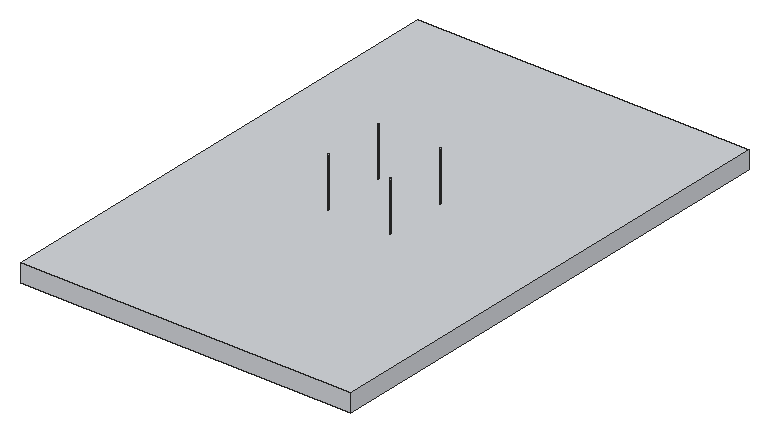
Revit family "ROBUSTxWSxx", category Leuchten, Revit 2020
Family settings
  Basisbauteil = Fläche
  Bemaßung runder Anschluss = Durchmesser verwenden
  Teiletyp = Normal
  OmniClass-Nummer = 23.80.70.11
  OmniClass-Titel = Luminaries for Internal Lighting
  Beim Laden mit Abzugskörper schneiden = Nein
  Lichtquelle = Ja
  Gemeinsam genutzt = Nein
  Raumberechnungspunkt = Nein
Parameters (values of type "ROBUST NDWS840T3000")
  width = 415 mm  # constant formula
  weight = "7,2"  # constant formula
  voltage type (AC, DC, UC) = "AC"
  suspension hight [instance] = 300 mm
  rated input power = 195
  product name = "ROBUST NDWS840T3000"
  nominal voltage = "230"
  nominal frequency = "50-60Hz"
  length = 415 mm  # constant formula
  ingress protection (IP) code = "IP66"
  height = 131 mm  # constant formula
  electrical safety class = "1"
  control gear = ""
  conformity mark = "CE"  # constant formula
  brand = "RIDI"
  approval mark = ""
  built-in parameter 1150104 = 13.8 (stored number, unit not read)
  Wattage = 194.154 W
  Von Breite des Rechtecks ausssenden = 288 mm  # constant formula
  Von Länge des Rechtecks aussenden = 383 mm  # constant formula
  Default Elevation = 0 mm
  built-in parameter 1150113 = 1 (stored number, unit not read)
  built-in parameter 1114218 = 1 (stored number, unit not read)
  URL = "www.ridi.de"
  built-in parameter 1150134 = 12
  built-in parameter 1150109 = 1 (stored number, unit not read)
  built-in parameter 1150110 = 1 (stored number, unit not read)
  Apparent Load = 195 VA
  Tilt Angle = 90.00°
  Modell = "0627899"
  built-in parameter 1114217 = 1 (stored number, unit not read)
  built-in parameter 1150139 = (empty or 0)
  built-in parameter 1150105 = 2295 (stored number, unit not read)
  built-in parameter 1150114 = 1 (stored number, unit not read)
  Lumens = 28840 lm
  built-in parameter 1150115 = 1 (stored number, unit not read)
  built-in parameter 1150112 = 1 (stored number, unit not read)
  Lampe = "LED"
  Hersteller = "RIDI Leuchten GmbH"  # constant formula
  Dimming Lamp Color Temperature Shift = (empty or 0)
  Color Filter = 16777215
  built-in parameter 1150133 = 10 (stored number, unit not read)
  Emit Shape Visible in Rendering = no
  built-in parameter 1150137 = (empty or 0)
  built-in parameter 1150132 = 2
  Datei für fotometrisches Netz = "ROBUST-G2_T.IES"
  Copyright = "© RIDI. All rights reserved."  # constant formula
  built-in parameter 1150106 = 22.95 (stored number, unit not read)
  Baugruppenkennzeichen = "D5020200"
  built-in parameter 1150107 = 4000 (stored number, unit not read)
  built-in parameter 1150102 = (empty or 0)
  built-in parameter 1150138 = (empty or 0)
Types (17, lengths in mm): name | rated input power | product name | Wattage | built-in parameter 1150134 | Apparent Load | Modell | built-in parameter 1150105 | Lumens | Datei für fotometrisches Netz | built-in parameter 1150106 | built-in parameter 1150107
  (no name) | 195 | "ROBUST NDWS840T3000" | 194.154 W | 12 | 195 VA | "0627899" | 2295 (stored number, unit not read) | 28840 lm | "ROBUST-G2_T.IES" | 22.95 (stored number, unit not read) | 4000 (stored number, unit not read)
  ROBUST NDWS840B2000 | 125 | "ROBUST NDWS840B2000" | 131.411 W | 12 | 125 VA | "0627896" | 1553.4 (stored number, unit not read) | 19520 lm | "ROBUST-G2_B.IES" | 15.534 (stored number, unit not read) | 4000 (stored number, unit not read)
  ROBUST NDWS840T2000 | 125 | "ROBUST NDWS840T2000" | 128.179 W | 12 | 125 VA | "0627897" | 1515.2 (stored number, unit not read) | 19040 lm | "ROBUST-G2_T.IES" | 15.152 (stored number, unit not read) | 4000 (stored number, unit not read)
  ROBUST NDWS840B3000 | 195 | "ROBUST NDWS840B3000" | 203.377 W | 12 | 195 VA | "0627898" | 2404 (stored number, unit not read) | 30210 lm | "ROBUST-G2_B.IES" | 24.04 (stored number, unit not read) | 4000 (stored number, unit not read)
  ROBUST NDWS840T3000 | 195 | "ROBUST NDWS840T3000" | 194.154 W | 12 | 195 VA | "0627899" | 2295 (stored number, unit not read) | 28840 lm | "ROBUST-G2_T.IES" | 22.95 (stored number, unit not read) | 4000 (stored number, unit not read)
  ROBUST NDWS865B2000 | 125 | "ROBUST NDWS865B2000" | 131.411 W | 1 | 125 VA | "0627900" | 1553.4 (stored number, unit not read) | 19520 lm | "ROBUST-G2_B.IES" | 15.534 (stored number, unit not read) | 6500 (stored number, unit not read)
  ROBUST NDWS865T2000 | 125 | "ROBUST NDWS865T2000" | 128.179 W | 1 | 125 VA | "0627901" | 1515.2 (stored number, unit not read) | 19040 lm | "ROBUST-G2_T.IES" | 15.152 (stored number, unit not read) | 6500 (stored number, unit not read)
  ROBUST NDWS865B3000 | 195 | "ROBUST NDWS865B3000" | 203.377 W | 1 | 195 VA | "0627902" | 2404 (stored number, unit not read) | 30210 lm | "ROBUST-G2_B.IES" | 24.04 (stored number, unit not read) | 6500 (stored number, unit not read)
  ROBUST NDWS865T3000 | 195 | "ROBUST NDWS865T3000" | 194.154 W | 1 | 195 VA | "0627903" | 2295 (stored number, unit not read) | 28840 lm | "ROBUST-G2_T.IES" | 22.95 (stored number, unit not read) | 6500 (stored number, unit not read)
  ROBUST DAWS840B2000 | 125 | "ROBUST DAWS840B2000" | 131.411 W | 12 | 125 VA | "0637896" | 1553.4 (stored number, unit not read) | 19520 lm | "ROBUST-G2_B.IES" | 15.534 (stored number, unit not read) | 4000 (stored number, unit not read)
  ROBUST DAWS840T2000 | 125 | "ROBUST DAWS840T2000" | 128.179 W | 12 | 125 VA | "0637897" | 1515.2 (stored number, unit not read) | 19040 lm | "ROBUST-G2_T.IES" | 15.152 (stored number, unit not read) | 4000 (stored number, unit not read)
  ROBUST DAWS840B3000 | 195 | "ROBUST DAWS840B3000" | 203.377 W | 12 | 195 VA | "0637898" | 2404 (stored number, unit not read) | 30210 lm | "ROBUST-G2_B.IES" | 24.04 (stored number, unit not read) | 4000 (stored number, unit not read)
  ROBUST DAWS840T3000 | 195 | "ROBUST DAWS840T3000" | 194.154 W | 12 | 195 VA | "0637899" | 2295 (stored number, unit not read) | 28840 lm | "ROBUST-G2_T.IES" | 22.95 (stored number, unit not read) | 4000 (stored number, unit not read)
  ROBUST DAWS865B2000 | 125 | "ROBUST DAWS865B2000" | 131.411 W | 1 | 125 VA | "0637900" | 1553.4 (stored number, unit not read) | 19520 lm | "ROBUST-G2_B.IES" | 15.534 (stored number, unit not read) | 6500 (stored number, unit not read)
  ROBUST DAWS865T2000 | 125 | "ROBUST DAWS865T2000" | 128.179 W | 1 | 125 VA | "0637901" | 1515.2 (stored number, unit not read) | 19040 lm | "ROBUST-G2_T.IES" | 15.152 (stored number, unit not read) | 6500 (stored number, unit not read)
  ROBUST DAWS865B3000 | 195 | "ROBUST DAWS865B3000" | 203.377 W | 1 | 195 VA | "0637902" | 2404 (stored number, unit not read) | 30210 lm | "ROBUST-G2_B.IES" | 24.04 (stored number, unit not read) | 6500 (stored number, unit not read)
  ROBUST DAWS865T3000 | 195 | "ROBUST DAWS865T3000" | 194.154 W | 1 | 195 VA | "0637903" | 2295 (stored number, unit not read) | 28840 lm | "ROBUST-G2_T.IES" | 22.95 (stored number, unit not read) | 6500 (stored number, unit not read)
Reference planes
  plane 1 "Mitte (Vorne/hinten)": y = 0
  plane 2: z = 0
  plane 3 "Mitte (Links/rechts)": x = 0
  plane 4: z = 300
Forms (mm)
  Extrusion 1, solid
    sketch origin (219.2, 280.8, 0) x (1, 0, 0) y (0, 1, 0)
      loop
        line (-1219.2, 1219.2) -> (-1219.2, -1780.8) -> (780.8, -1780.8) -> (780.8, 1219.2) -> (-1219.2, 1219.2)
    from 0 to -107.307
  Extrusion 2, solid
    sketch origin (0, 0, 0) x (1, 0, 0) y (0, 1, 0)
      loop
        circle (-187.5, 187.5) r 2
      loop
        circle (187.5, 187.5) r 2
      loop
        circle (-187.5, -187.5) r 2
      loop
        circle (187.5, -187.5) r 2
    from -0.2 to 300
Dimensions and locks
  "suspension hight": plane 4 to Extrusion 1
  locked: Extrusion 2 sketch curve to plane 3 "Mitte (Links/rechts)" at 187.5  (x2)
  locked: plane 1 "Mitte (Vorne/hinten)" to Extrusion 2 sketch curve at 187.5  (x2)
  locked: plane 3 "Mitte (Links/rechts)" to Extrusion 2 sketch curve at 187.5  (x2)
  locked: Extrusion 2 sketch curve to plane 1 "Mitte (Vorne/hinten)" at 187.5  (x2)
  aligned and locked: plane 2 to Extrusion 1
  aligned and locked: imposter light to plane 3 "Mitte (Links/rechts)"
  aligned and locked: Extrusion 2 to import instance
  aligned and locked: imposter light to import instance
  aligned and locked: import instance to plane 4
Automatic sketch dimensions
  Extrusion 1 sketch curve to Extrusion 1 sketch curve = 2000 mm
  Extrusion 1 sketch curve to Extrusion 1 sketch curve = 3000 mm
  radius of Extrusion 2 sketch curve = 2 mm  (x4)
Connectors
  electrical at (170, 170, 274), driven by "Apparent Load"
    settings: on import instance, index 1, voltage 230 V, apparent load 0 VA, apparent load phase1 195 VA, apparent load phase2 0 VA, apparent load phase3 0 VA, power factor 1, load classification "Lighting", number of poles 1, system type 31, power factor state 1, is connector primary yes, connector utility no, sub classification motor no, connector description ""
